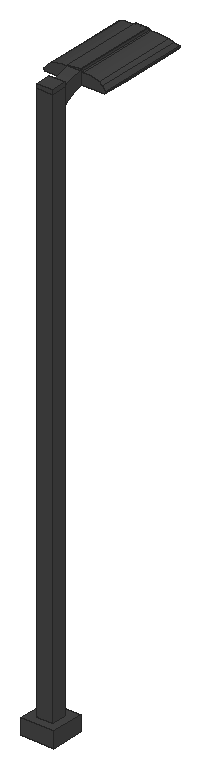
Revit family "ALT2", category Lighting Fixtures, Revit 2021
Family settings
  Round Connector Dimension = Use Diameter
  Part Type = Normal
  OmniClass Number = 23.80.70.14.21
  OmniClass Title = Street and Roadway Lighting
  Work Plane-Based = No
  Always vertical = Yes
  Cut with Voids When Loaded = No
  Light Source = Yes
  Shared = No
  Room Calculation Point = No
Parameters (values of type "ALT2")
  Width = 14.00"
  Wattage Comments = "20W"
  Wattage = 20 W
  built-in parameter 1150110 = 1 (stored number, unit not read)
  Voltage = 0 V
  URL = "https://www.currentlighting.com/kimlighting"
  Type Comments = "Lighting Fixture"  # constant formula
  built-in parameter 1114217 = 1 (stored number, unit not read)
  Tilt Angle = 90.00°  # constant formula
  built-in parameter 1150109 = 1 (stored number, unit not read)
  built-in parameter 1150134 = (empty or 0)
  built-in parameter 1150113 = 1 (stored number, unit not read)
  Series = "Altitude"  # constant formula
  Product Page URL = ""
  Product Documentation Link = ""
  Power Factor = 1
  Pole Width = 4.00"
  Pole Height [instance] = 149.94162"
  Pole = yes
  Photometric Web Link = ""
  Photometric Web File = "ALT2-100L-160-3K7-2-BC.ies"
  Photometric Notes = "More IES files download on Photometric Web Link"  # constant formula
  Offset From Pole = 6.12"
  Number of Poles = 1
  Model = "ALT2"
  Manufacturer = "KIM Lighting"  # constant formula
  Lumens = 2980 lm
  built-in parameter 1150115 = 1 (stored number, unit not read)
  built-in parameter 1150105 = 237.14 (stored number, unit not read)
  Light source [instance] = Pole Height - 3.50"  # 146.44162"
  built-in parameter 1150137 = (empty or 0)
  built-in parameter 1150139 = (empty or 0)
  Lens = Glass-Temper Molded
  built-in parameter 1150112 = 1 (stored number, unit not read)
  built-in parameter 1150114 = 1 (stored number, unit not read)
  Lamp = "default"
  built-in parameter 1150132 = (empty or 0)
  built-in parameter 1150102 = (empty or 0)
  built-in parameter 1150138 = (empty or 0)
  built-in parameter 1150107 = 3000 (stored number, unit not read)
  built-in parameter 1150106 = 2.3714 (stored number, unit not read)
  Fixture Height = 7.50"
  Finish = Powder Coat-Black
  Emit from Rectangle Width = 15.00"  # constant formula
  Emit from Rectangle Length = 20.00"  # constant formula
  Emit Shape Visible in Rendering = no
  built-in parameter 1150104 = 13.843 (stored number, unit not read)
  Dimming Lamp Color Temperature Shift = <None>
  Description = "Altitude® is the ultimate in luminaire design innovation with a unique balance of form, engineering and superior optics. The low profile housing is proportional and scalable with three sizes to cover more pedestrian/site/roadway environments than ever before. The result is an architecturally relevant luminaire of unsurpassed quality and flexibility that maximizes the power and performance."  # constant formula
  Depth = 18.44"
  Default Elevation = 0.00"
  Color Temperature = 0 K
  Color Filter = 16777215
  Certifications = "UL Listed"
  Center Width = 3.00"
  built-in parameter 1114218 = 1 (stored number, unit not read)
  built-in parameter 1150133 = 10 (stored number, unit not read)
  Assembly Code = "D5020200"
  Apparent Load = 20 VA
Reference planes (in)
  plane 1 "Light Source Axis (F/B)": y = 0
  plane 2: z = 0
  plane 3 "Light Source Axis (L/R)": x = 1.5
  plane 4 "Light Source Elevation": z = 146.44162
  plane 5 "Back": y = -15.34
Dimensions and locks (in)
  "Light source": plane 4 "Light Source Elevation" to plane 2
  aligned and locked: plane 4 "Light Source Elevation" to imposter light
  aligned and locked: nested 1 to plane 3 "Light Source Axis (L/R)"
  aligned and locked: nested 1 to plane 5 "Back"
  aligned and locked: imposter light to plane 3 "Light Source Axis (L/R)"
  aligned and locked: nested 2 to nested 1
Nested families (in)
  nested 1: "Kim_Lighting-Square_Pole" at (1.5, -17.34, 0) x (-1, 0, 0) z (0, 0, 1), visible <- "Pole", type "Kim_Lighting-Square_Pole"
    with Width 4.00", Height 149.94162", Base Cover 8.625"
  nested 2: "2ALT" at (1.1708, -15.34, 146.44162) x (-1, 0, 0) z (0, 1, 0), type "2ALT"
    with Lens White Glass, Finish Powder Coat-Black
Connectors (in)
  electrical at (1.5, -15.34, 18), driven by "Power Factor", driven by "Apparent Load", driven by "Apparent Load", driven by "Voltage", driven by "Number of Poles"
    settings: on nested 1, index 1, voltage 0 V, apparent load 20 VA, apparent load phase1 20 VA, apparent load phase2 0 VA, apparent load phase3 0 VA, power factor 1, load classification "Lighting", number of poles 1, system type 30, power factor state 1, is connector primary yes, connector utility no, sub classification motor no, connector description "Lighting Connector"
Definition of nested family "Kim_Lighting-Square_Pole"
  Parameters
    Width = 5.00"
    URL = "http://www.kimlighting.com/"
    Type Comments = "Non-Tapered Pole"
    Model = "Square Pole"  # constant formula
    Manufacturer = "KIM Lighting"  # constant formula
    Height = 240.00"
    Finish = none
    Default Elevation = 0.00"
    Base Cover = if(Width = 5.00", 12.625", 8.625")  # 12.625"
  Reference planes (in)
    plane 1 "Center (Front/Back)": y = 0
    plane 2: z = 0
    plane 3 "Center (Left/Right)": x = 0
    plane 4 "Front": y = -2.5
    plane 5 "Left": x = -2.5
    plane 6 "Right": x = 2.5
    plane 7 "Back": y = 2.5
    plane 8 "Top": z = 240
    plane 9: x = -6.3125
    plane 10: x = 6.3125
    plane 11: y = 6.3125
    plane 12: y = -6.3125
    plane 13: z = 18
  Forms (in)
    Extrusion 1, solid, material <- "Finish"
      sketch origin (0, 0, 0) x (1, 0, 0) y (0, 1, 0)
        loop
          line (-2.5, -2.5) -> (2.5, -2.5) -> (2.5, 2.5) -> (-2.5, 2.5) -> (-2.5, -2.5)
      from 0 to 240
    Extrusion 2, solid, material <- "Finish", detail levels medium+fine
      sketch origin (0, 0, 0) x (1, 0, 0) y (0, 1, 0)
        loop
          line (-6.3125, -6.3125) -> (6.3125, -6.3125) -> (6.3125, 6.3125) -> (-6.3125, 6.3125) -> (-6.3125, -6.3125)
        loop
          line (-2.5, -2.5) -> (2.5, -2.5) -> (2.5, 2.5) -> (-2.5, 2.5) -> (-2.5, -2.5)
      from 0 to 4
    Extrusion 3, solid, material <- "Finish", detail levels fine
      sketch origin (0, 0, 0) x (1, 0, 0) y (0, 0, 1)
        loop
          line (-1.5, 15) -> (1.5, 15) -> (1.5, 21) -> (-1.5, 21) -> (-1.5, 15)
      from 2.5 to 2.5625
    Extrusion 4, solid, material <- "Finish", detail levels fine
      sketch origin (0, 0, 240) x (-1, 0, 0) y (0, -1, 0)
        loop
          line (2.5625, 2.5625) -> (-2.5625, 2.5625) -> (-2.5625, -2.5625) -> (2.5625, -2.5625) -> (2.5625, 2.5625)
      from 0.10394 to -0.89606
  Lines and regions (in)
    Masking region 1
      outline origin (0, 0, 0) x (1, 0, 0) y (0, 0, 1)
        loop
          line (-2.5, 0) -> (2.5, 0) -> (2.5, 240) -> (-2.5, 240) -> (-2.5, 0)
    Masking region 2, detail levels medium+fine
      outline origin (0, 0, 0) x (1, 0, 0) y (0, 0, 1)
        loop
          line (-6.3125, 0) -> (6.3125, 0) -> (6.3125, 4) -> (-6.3125, 4) -> (-6.3125, 0)
    Masking region 3, detail levels fine
      outline origin (0, 0, 0) x (1, 0, 0) y (0, 0, 1)
        loop
          line (-2.5625, 239.10394) -> (2.5625, 239.10394) -> (2.5625, 240.10394) -> (-2.5625, 240.10394) -> (-2.5625, 239.10394)
    Masking region 4
      outline origin (0, 0, 0) x (0, 1, 0) y (0, 0, 1)
        loop
          line (2.5, 0) -> (2.5, 240) -> (-2.5, 240) -> (-2.5, 0) -> (2.5, 0)
    Masking region 5, detail levels medium+fine
      outline origin (0, 0, 0) x (0, 1, 0) y (0, 0, 1)
        loop
          line (6.3125, 0) -> (6.3125, 4) -> (-6.3125, 4) -> (-6.3125, 0) -> (6.3125, 0)
    Masking region 6, detail levels fine
      outline origin (0, 0, 0) x (0, 1, 0) y (0, 0, 1)
        loop
          line (2.5625, 239.10394) -> (2.5625, 240.10394) -> (-2.5625, 240.10394) -> (-2.5625, 239.10394) -> (2.5625, 239.10394)
    Masking region 7, detail levels medium+fine
      outline origin (0, 0, 0) x (1, 0, 0) y (0, 1, 0)
        loop
          line (-6.3125, -6.3125) -> (6.3125, -6.3125) -> (6.3125, 6.3125) -> (-6.3125, 6.3125) -> (-6.3125, -6.3125)
        loop
          line (-2.5, -2.5) -> (2.5, -2.5) -> (2.5, 2.5) -> (-2.5, 2.5) -> (-2.5, -2.5)
    Masking region 8
      outline origin (0, 0, 0) x (1, 0, 0) y (0, 1, 0)
        loop
          line (-2.5, -2.5) -> (2.5, -2.5) -> (2.5, 2.5) -> (-2.5, 2.5) -> (-2.5, -2.5)
    symbolic lines, detail levels fine
      curve 1: line (-1.5, 0, 15) -> (1.5, 0, 15)
      curve 2: line (-1.5, 0, 21) -> (-1.5, 0, 15)
      curve 3: line (1.5, 0, 21) -> (-1.5, 0, 21)
      curve 4: line (1.5, 0, 15) -> (1.5, 0, 21)
  Dimensions and locks (in)
    equal spacing: plane 7 "Back", plane 1 "Center (Front/Back)", plane 4 "Front"
    equal spacing: plane 5 "Left", plane 3 "Center (Left/Right)", plane 6 "Right"
    "Width": plane 7 "Back" to plane 4 "Front"
    "Width": plane 5 "Left" to plane 6 "Right"
    plane 3 "Center (Left/Right)" to Extrusion 1 = 2.50"
    "Height": plane 8 "Top" to level
    equal spacing: plane 11, plane 1 "Center (Front/Back)", plane 12
    "Base Cover": plane 11 to plane 12
    equal spacing: plane 9, plane 3 "Center (Left/Right)", plane 10
    "Base Cover": plane 9 to plane 10
    locked: Extrusion 2 to level at 4
    locked: plane 13 to level at 18
    Extrusion 3 sketch curve to plane 13 to Extrusion 3 sketch curve = 3.00" locked, 3.00" locked
    Extrusion 3 sketch curve to plane 3 "Center (Left/Right)" to Extrusion 3 sketch curve = 1.50" locked, 1.50" locked
    locked: plane 4 "Front" to Extrusion 3 at 0.0625
    Extrusion 4 to plane 8 "Top" to Extrusion 4 = 0.10394" locked, 0.89606" locked
    aligned and locked: plane 5 "Left" to Extrusion 1 sketch curve
    aligned and locked: Extrusion 1 sketch curve to plane 4 "Front"
    aligned and locked: plane 7 "Back" to Extrusion 1 sketch curve
    aligned and locked: Extrusion 1 sketch curve to plane 6 "Right"
    aligned and locked: plane 8 "Top" to Extrusion 1
    aligned and locked: plane 9 to Extrusion 2 sketch curve
    aligned and locked: Extrusion 2 sketch curve to plane 12
    aligned and locked: plane 11 to Extrusion 2 sketch curve
    aligned and locked: Extrusion 2 sketch curve to plane 10
    aligned and locked: Extrusion 1 to Extrusion 2 sketch curve
    aligned and locked: Extrusion 2 sketch curve to Extrusion 1  (x3)
    aligned and locked: plane 4 "Front" to Extrusion 3
    aligned: plane 8 "Top" to Extrusion 4
    aligned and locked: Masking region 1 sketch curve to Extrusion 1  (x2)
    aligned and locked: plane 8 "Top" to Masking region 1 sketch curve
    aligned and locked: Masking region 1 sketch curve to plane 6 "Right"
    aligned and locked: Masking region 2 sketch curve to Extrusion 2  (x2)
    aligned and locked: Extrusion 2 to Masking region 2 sketch curve
    aligned and locked: Masking region 2 sketch curve to plane 10
    aligned and locked: Extrusion 3 to curve 1
    aligned and locked: curve 1 to Extrusion 3
    aligned and locked: curve 4 to Extrusion 3  (x2)
    aligned and locked: Masking region 3 sketch curve to Extrusion 4  (x3)
    aligned and locked: Extrusion 4 to Masking region 3 sketch curve
    aligned and locked: Masking region 4 sketch curve to Extrusion 1  (x3)
    aligned and locked: Extrusion 1 to Masking region 4 sketch curve
    aligned and locked: Masking region 5 sketch curve to Extrusion 2  (x3)
    aligned and locked: Extrusion 2 to Masking region 5 sketch curve
    aligned and locked: Masking region 6 sketch curve to Extrusion 4  (x3)
    aligned and locked: Extrusion 4 to Masking region 6 sketch curve
    aligned and locked: Extrusion 2 to Masking region 7 sketch curve
    aligned and locked: Masking region 7 sketch curve to Extrusion 2  (x3)
    aligned and locked: Extrusion 1 to Masking region 8 sketch curve
    aligned and locked: Masking region 8 sketch curve to Extrusion 1  (x3)
    aligned and locked: Extrusion 1 to Masking region 7 sketch curve
    aligned and locked: Masking region 7 sketch curve to Extrusion 1  (x3)
  Automatic sketch dimensions
    Extrusion 4 sketch curve to plane 6 "Right" = 0.0625"
    plane 5 "Left" to Extrusion 4 sketch curve = 0.0625"
    plane 7 "Back" to Extrusion 4 sketch curve = 0.0625"
    Extrusion 4 sketch curve to plane 4 "Front" = 0.0625"
Definition of nested family "2ALT"
  Parameters
    Width = 16.00"
    URL = "http://www.spauldinglighting.com/"
    Product Page URL = ""
    Product Documentation Link = ""
    Manufacturer Phone = "(864)-678-1000"  # constant formula
    Manufacturer Fax = "(866)-898-1065"  # constant formula
    Manufacturer = "Spaulding Lighting"  # constant formula
    Lens [instance] = none
    Length = 30.25"
    Finish [instance] = none
    Default Elevation = 48.00"
  Reference planes (in)
    plane 1 "Center (Front/Back)": y = 0
    plane 2: z = 0
    plane 3 "Center (Left/Right)": x = 0
    plane 4: z = 30.06
    plane 5: z = 6.62
    plane 6: y = -3.375
    plane 7: x = -8
    plane 8: x = 8
    plane 9: y = 3.5
  Forms (in)
    Extrusion 1, solid, material <- "Finish"
      sketch origin (0, 0, 0) x (0, 1, 0) y (0, 0, 1)
        loop
          line (0, 30.06) -> (0, 13.0003) -> (0, 6.25) -> (3.5, 6.25) -> (3.5, 27.72554) -> (0.61718, 30.06) -> (0, 30.06)
      from -8 to 8
    Extrusion 2, solid, material <- "Finish"
      sketch origin (0, 0, 0) x (0, 1, 0) y (0, 0, 1)
        loop
          line (-3.375, 0) -> (1.56488, 0)
          arc (1.56488, 0) -> (2.78495, 3.2371) -> (3.50838, 6.62) r 23.12072
          line (3.50838, 6.62) -> (0.10272, 6.62)
          arc (0.10272, 6.62) -> (-1.2633, 3.11413) -> (-3.375, 0) r 16.80725
      from -1.5889 to 1.5889
    Sweep 3, solid, material <- "Finish"
      path in 3D
        loop
          line (8, 0, 6.25) -> (8, 3.5, 6.25) -> (8, 3.5, 27.72554) -> (8, 0.61718, 30.06) -> (8, 0, 30.06)
      profile origin (8, 3.5, 16.98777) x (0, -1, 0) y (1, 0, 0)
        loop
          line (0.01398, -9.5264) -> (0.01398, -6.37608) -> (-0.18602, -6.37608) -> (-0.18602, -9.5264) -> (0.01398, -9.5264)
    Extrusion 4, void
      sketch origin (0, 0, 0) x (1, 0, 0) y (0, 1, 0)
        loop
          line (-10.63605, 4.16779) -> (-10.63605, 0) -> (-8.21181, 0) -> (-7.76685, 0) -> (-7.91326, 0.31399)
          arc (-7.91326, 0.31399) -> (-7.94684, 0.49896) -> (-7.88523, 0.67657) r 0.37016
          arc (-7.88523, 0.67657) -> (-7.51665, 1.17901) -> (-7.10695, 1.64854) r 7.37296
          arc (-7.10695, 1.64854) -> (-6.70187, 2.00033) -> (-6.23713, 2.26842) r 2.80016
          arc (-6.23713, 2.26842) -> (-4.14147, 2.90153) -> (-1.95298, 2.95762) r 8.20027
          line (-1.95298, 2.95762) -> (-1.5889, 2.95762) -> (-1.5889, 3.70762) -> (1.9111, 3.70762) -> (1.9111, 2.95296)
          arc (1.9111, 2.95296) -> (4.12066, 2.90485) -> (6.23713, 2.26842) r 8.20027
          arc (6.23713, 2.26842) -> (6.70187, 2.00033) -> (7.10695, 1.64854) r 2.80016
          arc (7.10695, 1.64854) -> (7.51665, 1.17901) -> (7.88523, 0.67657) r 7.37296
          arc (7.88523, 0.67657) -> (7.94684, 0.49896) -> (7.91326, 0.31399) r 0.37016
          line (7.91326, 0.31399) -> (7.76685, 0) -> (9.26105, 0) -> (9.26105, 4.16779) -> (-10.63605, 4.16779)
      from 6.25 to 30.06
    Extrusion 5, void
      sketch origin (0, 0, 0) x (1, 0, 0) y (0, 0, 1)
        loop
          line (-6.96181, 28.4131) -> (-6.96181, 12.77089) -> (7.03819, 12.77089) -> (7.03819, 28.4131) -> (-6.96181, 28.4131)
        loop
          line (-6.96181, 12.21711) -> (-6.96181, 6.93454) -> (7.03819, 6.93454) -> (7.03819, 12.21711) -> (-6.96181, 12.21711)
      from -0.54237 to 0.18602
    Extrusion 6, solid, material <- "Lens"
      sketch origin (0, 0, 0) x (1, 0, 0) y (0, 0, 1)
        loop
          line (-6.96181, 28.4131) -> (-6.96181, 12.77089) -> (7.03819, 12.77089) -> (7.03819, 28.4131) -> (-6.96181, 28.4131)
        loop
          line (-6.96873, 12.21711) -> (-6.96873, 6.93454) -> (7.03819, 6.93454) -> (7.03819, 12.21711) -> (-6.96873, 12.21711)
      from -0.30667 to 0
  Cuts and joins
    Extrusion 4 cuts Extrusion 1
    Extrusion 4, Extrusion 5 cuts Sweep 3
  Lines and regions (in)
    sketch lines
      curve 1: line (8, 3.5, 6.25) -> (8, 3.5, 27.72554)
      curve 2: line (8, 3.5, 27.72554) -> (8, 0.61718, 30.06)
      curve 3: line (8, 0.61718, 30.06) -> (8, 0, 30.06)
      curve 4: line (8, 0, 6.25) -> (8, 3.5, 6.25)
  Dimensions and locks (in)
    plane 4 to plane 5 to level = 23.44", 6.62"
    plane 4 to level = 30.06"
    "Width": plane 8 to plane 7
    equal spacing: plane 8, plane 3 "Center (Left/Right)", plane 7
    aligned and locked: plane 2 to level
    aligned and locked: Extrusion 1 to plane 7
    aligned and locked: plane 8 to Extrusion 1
    aligned and locked: Extrusion 4 to Extrusion 1
  Automatic sketch dimensions
    Extrusion 1 sketch curve to plane 1 "Center (Front/Back)" = 0.00"
    Extrusion 1 sketch curve to plane 4 = 0.00"
    Extrusion 1 sketch curve to plane 9 = 0.00"
    Extrusion 1 sketch curve to Extrusion 1 sketch curve = 0.61718"
    Extrusion 1 sketch curve to plane 4 = 2.33446"
    plane 5 to Extrusion 1 sketch curve = 6.3803"
    Extrusion 1 sketch curve to plane 5 = 0.37"
    Extrusion 2 sketch curve to level = 0.00"
    Extrusion 2 sketch curve to plane 6 = 0.00"
    Extrusion 2 sketch curve to plane 5 = 0.00"
    plane 5 to Extrusion 2 sketch curve = 4.31062"
    plane 6 to Extrusion 2 sketch curve = 12.76735"
    Extrusion 2 sketch curve to Extrusion 2 sketch curve = 3.25715"
    Extrusion 2 sketch curve to plane 1 "Center (Front/Back)" = 1.56488"
    Extrusion 2 sketch curve to plane 9 = 0.00838"
    profile plane to Sweep 3 sketch curve = 0.18602"
    Sweep 3 sketch curve to profile plane = 0.01398"
    Sweep 3 sketch curve to profile plane = 9.5264"
    Sweep 3 sketch curve to Sweep 3 sketch curve = 3.15032"
    plane 7 to Extrusion 5 sketch curve = 1.03819"  (x2)
    plane 5 to Extrusion 5 sketch curve = 0.31454"
    Extrusion 5 sketch curve to plane 8 = 0.96181"  (x2)
    Extrusion 5 sketch curve to Extrusion 5 sketch curve = 5.28257"
    Extrusion 5 sketch curve to Extrusion 5 sketch curve = 0.55378"
    Extrusion 5 sketch curve to plane 4 = 1.6469"
    plane 5 to Extrusion 6 sketch curve = 0.31454"
    plane 7 to Extrusion 6 sketch curve = 1.03127"
    Extrusion 6 sketch curve to Extrusion 6 sketch curve = 0.00693"
    Extrusion 6 sketch curve to plane 8 = 0.96181"  (x2)
    Extrusion 6 sketch curve to Extrusion 6 sketch curve = 5.28257"
    Extrusion 6 sketch curve to Extrusion 6 sketch curve = 0.55378"
    Extrusion 6 sketch curve to plane 4 = 1.6469"
    plane 1 "Center (Front/Back)" to Extrusion 4 sketch curve = 0.00"  (x2)
    Extrusion 4 sketch curve to plane 7 = 2.63605"
    plane 7 to Extrusion 4 sketch curve = 0.08674"
    plane 7 to Extrusion 4 sketch curve = 0.23315"
    Extrusion 4 sketch curve to Extrusion 4 sketch curve = 0.33548"
    plane 1 "Center (Front/Back)" to Extrusion 4 sketch curve = 0.28001"  (x2)
    Extrusion 4 sketch curve to Extrusion 4 sketch curve = 2.50102"
    plane 6 to Extrusion 4 sketch curve = 1.81964"  (x2)
    Extrusion 4 sketch curve to plane 3 "Center (Left/Right)" = 2.83901"
    plane 9 to Extrusion 4 sketch curve = 0.54238"
    Extrusion 4 sketch curve to plane 3 "Center (Left/Right)" = 1.95298"
    plane 6 to Extrusion 4 sketch curve = 0.05441"  (x2)
    Extrusion 4 sketch curve to plane 3 "Center (Left/Right)" = 1.76139"
    Extrusion 4 sketch curve to Extrusion 4 sketch curve = 0.36408"
    plane 3 "Center (Left/Right)" to Extrusion 4 sketch curve = 1.76139"
    Extrusion 4 sketch curve to Extrusion 4 sketch curve = 1.07762"
    Extrusion 4 sketch curve to plane 8 = 2.92323"
    Extrusion 4 sketch curve to plane 8 = 0.42221"
    Extrusion 4 sketch curve to plane 8 = 0.23315"
    Extrusion 4 sketch curve to plane 8 = 0.08674"
    plane 8 to Extrusion 4 sketch curve = 1.26105"
    Extrusion 4 sketch curve to plane 1 "Center (Front/Back)" = 0.31399"  (x2)
    Extrusion 4 sketch curve to Extrusion 4 sketch curve = 0.15644"  (x2)
    Extrusion 4 sketch curve to plane 9 = 0.20762"
    Extrusion 4 sketch curve to plane 9 = 0.66779"
    Extrusion 4 sketch curve to Extrusion 4 sketch curve = 0.00"  (x4)
    plane 3 "Center (Left/Right)" to Extrusion 4 sketch curve = 1.9111"
    plane 9 to Extrusion 4 sketch curve = 1.23158"
    Extrusion 4 sketch curve to plane 7 = 0.21181"
